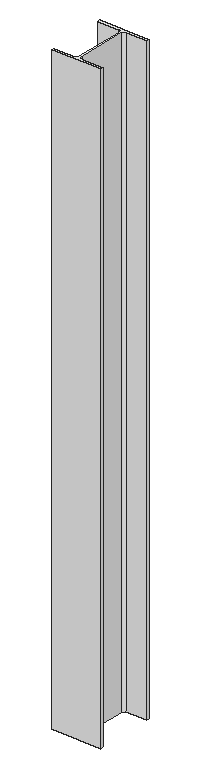
Revit family "M_W Formas-Coluna", category Pilares estruturais, Revit 2019
Family settings
  Forma do corte = Forma I do flange paralelo
  Material para o comportamento do modelo = Aço
  Exportar sempre como geometria = Não
  Redução da viga na planta = Da caixa de vinculação
  Family Name Key = M_W Shapes-Column
  Nome do código = AISC 14.1
  Número OmniClass = 23.25.30.11.14.11
  Título OmniClass = Columns
  ID de item do Seek = W-Shapes-Column-0000-CAN-ENU
  Corte com vazios quando carregada = Não
  Representação simbólica = Das configurações de projeto
  Compartilhado = Não
  Exibir o pré-corte da família na vista da planta = Sim
Parameters (values of type "W250X49.1")
  Largura = 202.00 mm
  Espessura da teia = 7.37 mm
  Concordância da teia = 12.70 mm
  Constante da empena = 212000000000.0 mm6
  Momento de inércia de torção = 243000.00 mm4
  Structural Material [instance] = Aço, 45-345
  Section Name Key = ""
  Área de corte = 6260.0 mm²
  Eixo fraco do módulo plástico = 229000.0 mm³
  Eixo forte do módulo plástico = 636000.0 mm³
  Perímetro = 1.27 m²/m
  Peso nominal = 49.10 kgf/m
  Eixo fraco do momento de inércia = 15200000.00 mm4
  Eixo forte do momento de inércia = 71200000.00 mm4
  Altura = 247.00 mm
  Espessura do flange = 11.00 mm
  Eixo fraco do módulo de elasticidade = 151000.0 mm³
  Eixo forte do módulo de elasticidade = 574000.0 mm³
  Centróide vertical = Altura / 2  # 123.50 mm
  Centróide horizontal = Largura / 2  # 101.00 mm
  Espaçamento do parafuso = 139.7 mm
  Assembly Code = ""
Types (2, lengths in mm): name | Largura | Espessura da teia | Constante da empena | Momento de inércia de torção | Área de corte | Eixo fraco do módulo plástico | Eixo forte do módulo plástico | Perímetro | Peso nominal | Eixo fraco do momento de inércia | Eixo forte do momento de inércia | Altura | Espessura do flange | Eixo fraco do módulo de elasticidade | Eixo forte do módulo de elasticidade | Centróide vertical | Centróide horizontal
  W250X73 | 254.00 | 8.64 | 556000000000.0 mm6 | 579000.00 mm4 | 9290.0 mm² | 464000.0 mm³ | 990000.0 mm³ | 1.49 m²/m | 73.00 kgf/m | 38900000.00 mm4 | 113000000.00 mm4 | 254.00 | 14.20 | 306000.0 mm³ | 895000.0 mm³ | 127.00 | 127.00
  W250X49.1 | 202.00 | 7.37 | 212000000000.0 mm6 | 243000.00 mm4 | 6260.0 mm² | 229000.0 mm³ | 636000.0 mm³ | 1.27 m²/m | 49.10 kgf/m | 15200000.00 mm4 | 71200000.00 mm4 | 247.00 | 11.00 | 151000.0 mm³ | 574000.0 mm³ | 123.50 | 101.00
Reference planes
  plane 1: y = 0
  plane 2: z = 0
  plane 3: x = 0
  plane 4: x = -101
  plane 5: x = 101
  plane 6: y = 123.5
  plane 7: y = -123.5
  plane 8: x = -3.969
  plane 9: x = 3.969
Forms (mm)
  Extrusion 1, solid, material "Aço, 45-345" <- "Structural Material", detail levels medium
    sketch origin (0, 0, 0) x (1, 0, 0) y (0, 1, 0)
      loop
        line (-101, 123.5) -> (-101, 112.5) -> (-3.685, 112.5) -> (-3.685, -112.5) -> (-101, -112.5) -> (-101, -123.5) -> (101, -123.5) -> (101, -112.5) -> (3.685, -112.5) -> (3.685, 112.5) -> (101, 112.5) -> (101, 123.5) -> (-101, 123.5)
    from 0 to 2500
  Extrusion 2, solid, material "Aço, 45-345" <- "Structural Material", detail levels fine
    sketch origin (0, 0, 0) x (1, 0, 0) y (0, 1, 0)
      loop
        line (-101, 123.5) -> (-101, 112.5) -> (-16.385, 112.5)
        arc (-16.385, 112.5) -> (-7.405, 108.78) -> (-3.685, 99.8) r 12.7
        line (-3.685, 99.8) -> (-3.685, -99.8)
        arc (-3.685, -99.8) -> (-7.405, -108.78) -> (-16.385, -112.5) r 12.7
        line (-16.385, -112.5) -> (-101, -112.5) -> (-101, -123.5) -> (101, -123.5) -> (101, -112.5) -> (16.385, -112.5)
        arc (16.385, -112.5) -> (7.405, -108.78) -> (3.685, -99.8) r 12.7
        line (3.685, -99.8) -> (3.685, 99.8)
        arc (3.685, 99.8) -> (7.405, 108.78) -> (16.385, 112.5) r 12.7
        line (16.385, 112.5) -> (101, 112.5) -> (101, 123.5) -> (-101, 123.5)
    from 0 to 2500
Lines and regions (mm)
  symbolic lines, style "StructuralColumnStickSymbols", detail levels coarse
    curve 1: line (-101, 123.5, 0) -> (101, 123.5, 0)
    curve 2: line (-101, -123.5, 0) -> (101, -123.5, 0)
    curve 3: line (0, 123.5, 0) -> (0, -123.5, 0)
  symbolic lines, style "Faces ocultas", detail levels medium+fine
    curve 4: line (-3.969, 0, 0) -> (-3.969, 0, 2500)
    curve 5: line (3.969, 0, 2500) -> (3.969, 0, 0)
Dimensions and locks
  equal spacing: plane 4, plane 3, plane 5
  equal spacing: plane 7, plane 1, plane 6
  "Altura": plane 7 to plane 6
  "Largura": plane 4 to plane 5
  "Espessura do flange": plane 7 to Extrusion 1 sketch curve
  "Espessura do flange": Extrusion 1 sketch curve to plane 6
  equal spacing: Extrusion 1 sketch curve, plane 3, Extrusion 1 sketch curve
  "Espessura da teia": Extrusion 1 sketch curve to Extrusion 1 sketch curve
  "Concordância da teia": radius of Extrusion 2 sketch curve  (x4)
  aligned and locked: plane 6 to Extrusion 1 sketch curve
  aligned and locked: Extrusion 1 sketch curve to plane 7
  aligned and locked: Extrusion 1 sketch curve to plane 4  (x2)
  aligned and locked: plane 5 to Extrusion 1 sketch curve  (x2)
  aligned and locked: Extrusion 1 sketch curve to Extrusion 1 sketch curve  (x2)
  aligned and locked: level to Extrusion 1
  aligned and locked: level to plane 2
  aligned and locked: Extrusion 1 to plane 2
  aligned and locked: plane 6 to Extrusion 2 sketch curve
  aligned and locked: plane 5 to Extrusion 2 sketch curve  (x2)
  aligned and locked: Extrusion 2 sketch curve to plane 4  (x2)
  aligned and locked: Extrusion 2 sketch curve to Extrusion 1  (x6)
  aligned and locked: Extrusion 2 sketch curve to plane 7
  aligned and locked: level to Extrusion 2
  aligned and locked: Extrusion 2 to level
Automatic sketch dimensions
  curve 2 to plane 4 = 0.00 mm
  curve 1 to plane 4 = 0.00 mm
  curve 3 to plane 3 = 0.00 mm
  curve 2 to plane 5 = 0.00 mm
  curve 1 to plane 5 = 0.00 mm
  curve 3 to plane 7 = 0.00 mm
  curve 3 to plane 6 = 0.00 mm
  curve 4 to level = 0.00 mm  (x2)
  curve 4 to plane 8 = 0.00 mm
  curve 5 to level = 0.00 mm  (x2)
  curve 5 to plane 9 = 0.00 mm
Types in the file's own list only (278): name | Largura | Espessura da teia | Concordância da teia | Constante da empena | Momento de inércia de torção | Chave do nome do corte | Área de corte | Eixo fraco do módulo plástico | Eixo forte do módulo plástico | Perímetro | Peso nominal | Eixo fraco do momento de inércia | Eixo forte do momento de inércia | Altura | Espessura do flange | Eixo fraco do módulo de elasticidade | Eixo forte do módulo de elasticidade | Centróide vertical | Centróide horizontal | Espaçamento do parafuso
  W1100X499 | 404.00 mm | 26.20 mm | 20.00 mm | 144000000000000.0 mm6 | 31100000.00 mm4 | W44x335 | 63500.0 mm² | 3870000.0 mm³ | 26500000.0 mm³ | 3.76 m²/m | 499.00 kgf/m | 499000000.00 mm4 | 12900000000.00 mm4 | 1120.00 mm | 45.00 mm | 2460000.0 mm³ | 23100000.0 mm³ | 560.00 mm | 202.00 mm | 139.7 mm
  W1100X433 | 401.00 mm | 22.00 mm | 19.80 mm | 124000000000000.0 mm6 | 21200000.00 mm4 | W44x290 | 55100.0 mm² | 3360000.0 mm³ | 23100000.0 mm³ | 3.73 m²/m | 433.00 kgf/m | 433000000.00 mm4 | 11200000000.00 mm4 | 1110.00 mm | 40.10 mm | 2160000.0 mm³ | 20300000.0 mm³ | 555.00 mm | 200.50 mm | 139.7 mm
  W1100X390 | 401.00 mm | 19.90 mm | 19.80 mm | 109000000000000.0 mm6 | 15500000.00 mm4 | W44x262 | 49800.0 mm² | 2980000.0 mm³ | 20800000.0 mm³ | 3.73 m²/m | 390.00 kgf/m | 384000000.00 mm4 | 10000000000.00 mm4 | 1100.00 mm | 36.10 mm | 1920000.0 mm³ | 18200000.0 mm³ | 550.00 mm | 200.50 mm | 139.7 mm
  W1100X343 | 401.00 mm | 18.00 mm | 20.10 mm | 92900000000000.0 mm6 | 10400000.00 mm4 | W44x230 | 43700.0 mm² | 2570000.0 mm³ | 18000000.0 mm³ | 3.71 m²/m | 343.00 kgf/m | 331000000.00 mm4 | 8660000000.00 mm4 | 1090.00 mm | 31.00 mm | 1660000.0 mm³ | 15900000.0 mm³ | 545.00 mm | 200.50 mm | 139.7 mm
  W1000X883 | 424.00 mm | 45.50 mm | 30.00 mm | 268000000000000.0 mm6 | 185000000.00 mm4 | W40x593 | 112000.0 mm² | 7880000.0 mm³ | 45200000.0 mm³ | 3.73 m²/m | 883.00 kgf/m | 1050000000.00 mm4 | 21000000000.00 mm4 | 1090.00 mm | 82.00 mm | 4950000.0 mm³ | 38300000.0 mm³ | 545.00 mm | 212.00 mm | 190.5 mm
  W1000X748 | 417.00 mm | 39.10 mm | 29.90 mm | 212000000000000.0 mm6 | 115000000.00 mm4 | W40x503 | 95500.0 mm² | 6460000.0 mm³ | 38000000.0 mm³ | 3.68 m²/m | 748.00 kgf/m | 849000000.00 mm4 | 17300000000.00 mm4 | 1070.00 mm | 70.10 mm | 4080000.0 mm³ | 32400000.0 mm³ | 535.00 mm | 208.50 mm | 190.5 mm
  W1000X642 | 411.00 mm | 34.00 mm | 30.00 mm | 171000000000000.0 mm6 | 73700000.00 mm4 | W40x431 | 81900.0 mm² | 5370000.0 mm³ | 32100000.0 mm³ | 3.63 m²/m | 642.00 kgf/m | 703000000.00 mm4 | 14500000000.00 mm4 | 1050.00 mm | 59.90 mm | 3410000.0 mm³ | 27700000.0 mm³ | 525.00 mm | 205.50 mm | 190.5 mm
  W1000X591 | 409.00 mm | 31.00 mm | 30.00 mm | 155000000000000.0 mm6 | 59100000.00 mm4 | W40x397 | 75500.0 mm² | 4920000.0 mm³ | 29500000.0 mm³ | 3.61 m²/m | 591.00 kgf/m | 641000000.00 mm4 | 13300000000.00 mm4 | 1040.00 mm | 55.90 mm | 3130000.0 mm³ | 25600000.0 mm³ | 520.00 mm | 204.50 mm | 190.5 mm
  W1000X554 | 409.00 mm | 29.50 mm | 29.90 mm | 142000000000000.0 mm6 | 48300000.00 mm4 | W40x372 | 71000.0 mm² | 4540000.0 mm³ | 27500000.0 mm³ | 3.58 m²/m | 554.00 kgf/m | 591000000.00 mm4 | 12300000000.00 mm4 | 1030.00 mm | 52.10 mm | 2900000.0 mm³ | 23900000.0 mm³ | 515.00 mm | 204.50 mm | 190.5 mm
  W1000X539 | 406.00 mm | 28.40 mm | 29.90 mm | 138000000000000.0 mm6 | 45400000.00 mm4 | W40x362 | 68400.0 mm² | 4420000.0 mm³ | 26900000.0 mm³ | 3.58 m²/m | 539.00 kgf/m | 574000000.00 mm4 | 12000000000.00 mm4 | 1030.00 mm | 51.10 mm | 2830000.0 mm³ | 23300000.0 mm³ | 515.00 mm | 203.00 mm | 190.5 mm
  W1000X483 | 404.00 mm | 25.40 mm | 29.90 mm | 120000000000000.0 mm6 | 33000000.00 mm4 | W40x324 | 61500.0 mm² | 3920000.0 mm³ | 23900000.0 mm³ | 3.56 m²/m | 483.00 kgf/m | 508000000.00 mm4 | 10700000000.00 mm4 | 1020.00 mm | 46.00 mm | 2510000.0 mm³ | 21000000.0 mm³ | 510.00 mm | 202.00 mm | 190.5 mm
  W1000X443 | 401.00 mm | 23.60 mm | 30.00 mm | 107000000000000.0 mm6 | 25500000.00 mm4 | W40x297 | 56300.0 mm² | 3520000.0 mm³ | 21800000.0 mm³ | 3.53 m²/m | 443.00 kgf/m | 454000000.00 mm4 | 9660000000.00 mm4 | 1010.00 mm | 41.90 mm | 2260000.0 mm³ | 19200000.0 mm³ | 505.00 mm | 200.50 mm | 190.5 mm
  W1000X412 | 401.00 mm | 21.10 mm | 30.00 mm | 102000000000000.0 mm6 | 21400000.00 mm4 | W40x277 | 52600.0 mm² | 3340000.0 mm³ | 20500000.0 mm³ | 3.53 m²/m | 412.00 kgf/m | 433000000.00 mm4 | 9120000000.00 mm4 | 1010.00 mm | 40.10 mm | 2160000.0 mm³ | 18000000.0 mm³ | 505.00 mm | 200.50 mm | 190.5 mm
  W1000X371 | 401.00 mm | 19.10 mm | 29.90 mm | 89700000000000.0 mm6 | 15900000.00 mm4 | W40x249 | 47400.0 mm² | 2980000.0 mm³ | 18400000.0 mm³ | 3.51 m²/m | 371.00 kgf/m | 385000000.00 mm4 | 8160000000.00 mm4 | 1000.00 mm | 36.10 mm | 1930000.0 mm³ | 16300000.0 mm³ | 500.00 mm | 200.50 mm | 190.5 mm
  W1000X321 | 401.00 mm | 16.50 mm | 30.00 mm | 76300000000000.0 mm6 | 10300000.00 mm4 | W40x215 | 41000.0 mm² | 2560000.0 mm³ | 15800000.0 mm³ | 3.51 m²/m | 321.00 kgf/m | 334000000.00 mm4 | 6950000000.00 mm4 | 991.00 mm | 31.00 mm | 1660000.0 mm³ | 14100000.0 mm³ | 495.50 mm | 200.50 mm | 190.5 mm
  W1000X296 | 401.00 mm | 16.50 mm | 30.00 mm | 66100000000000.0 mm6 | 7620000.00 mm4 | W40x199 | 37900.0 mm² | 2250000.0 mm³ | 14200000.0 mm³ | 3.48 m²/m | 296.00 kgf/m | 289000000.00 mm4 | 6200000000.00 mm4 | 983.00 mm | 27.20 mm | 1450000.0 mm³ | 12600000.0 mm³ | 491.50 mm | 200.50 mm | 190.5 mm
  W1000X584 | 315.00 mm | 36.10 mm | 30.00 mm | 82200000000000.0 mm6 | 71600000.00 mm4 | W40x392 | 74800.0 mm² | 3470000.0 mm³ | 28000000.0 mm³ | 3.25 m²/m | 584.00 kgf/m | 334000000.00 mm4 | 12400000000.00 mm4 | 1060.00 mm | 64.00 mm | 2130000.0 mm³ | 23600000.0 mm³ | 530.00 mm | 157.50 mm | 190.5 mm
  W1000X494 | 310.00 mm | 31.00 mm | 30.00 mm | 64700000000000.0 mm6 | 43700000.00 mm4 | W40x331 | 63000.0 mm² | 2820000.0 mm³ | 23400000.0 mm³ | 3.20 m²/m | 494.00 kgf/m | 268000000.00 mm4 | 10300000000.00 mm4 | 1040.00 mm | 54.10 mm | 1740000.0 mm³ | 19800000.0 mm³ | 520.00 mm | 155.00 mm | 190.5 mm
  W1000X486 | 307.00 mm | 30.00 mm | 30.00 mm | 64200000000000.0 mm6 | 42900000.00 mm4 | W40x327 | 61900.0 mm² | 2790000.0 mm³ | 23100000.0 mm³ | 3.20 m²/m | 486.00 kgf/m | 266000000.00 mm4 | 10200000000.00 mm4 | 1040.00 mm | 54.10 mm | 1720000.0 mm³ | 19700000.0 mm³ | 520.00 mm | 153.50 mm | 190.5 mm
  W1000X438 | 305.00 mm | 26.90 mm | 30.00 mm | 55900000000000.0 mm6 | 31900000.00 mm4 | W40x294 | 55600.0 mm² | 2460000.0 mm³ | 20800000.0 mm³ | 3.18 m²/m | 438.00 kgf/m | 234000000.00 mm4 | 9120000000.00 mm4 | 1030.00 mm | 49.00 mm | 1530000.0 mm³ | 17700000.0 mm³ | 515.00 mm | 152.50 mm | 190.5 mm
  W1000X415 | 305.00 mm | 26.20 mm | 29.90 mm | 51600000000000.0 mm6 | 27100000.00 mm4 | W40x278 | 53100.0 mm² | 2290000.0 mm³ | 19500000.0 mm³ | 3.15 m²/m | 415.00 kgf/m | 217000000.00 mm4 | 8530000000.00 mm4 | 1020.00 mm | 46.00 mm | 1430000.0 mm³ | 16700000.0 mm³ | 510.00 mm | 152.50 mm | 190.5 mm
  W1000X393 | 302.00 mm | 24.40 mm | 30.00 mm | 48600000000000.0 mm6 | 23400000.00 mm4 | W40x264 | 49900.0 mm² | 2160000.0 mm³ | 18500000.0 mm³ | 3.15 m²/m | 393.00 kgf/m | 205000000.00 mm4 | 8070000000.00 mm4 | 1020.00 mm | 43.90 mm | 1350000.0 mm³ | 15900000.0 mm³ | 510.00 mm | 151.00 mm | 190.5 mm
  W1000X350 | 302.00 mm | 21.10 mm | 30.00 mm | 43200000000000.0 mm6 | 17200000.00 mm4 | W40x235 | 44600.0 mm² | 1930000.0 mm³ | 16600000.0 mm³ | 3.12 m²/m | 350.00 kgf/m | 185000000.00 mm4 | 7240000000.00 mm4 | 1010.00 mm | 40.10 mm | 1220000.0 mm³ | 14300000.0 mm³ | 505.00 mm | 151.00 mm | 190.5 mm
  W1000X314 | 300.00 mm | 19.10 mm | 29.90 mm | 37900000000000.0 mm6 | 12700000.00 mm4 | W40x211 | 40100.0 mm² | 1720000.0 mm³ | 14800000.0 mm³ | 3.10 m²/m | 314.00 kgf/m | 162000000.00 mm4 | 6450000000.00 mm4 | 1000.00 mm | 36.10 mm | 1080000.0 mm³ | 12900000.0 mm³ | 500.00 mm | 150.00 mm | 190.5 mm
  W1000X272 | 300.00 mm | 16.50 mm | 30.00 mm | 31700000000000.0 mm6 | 8030000.00 mm4 | W40x183 | 34400.0 mm² | 1450000.0 mm³ | 12700000.0 mm³ | 3.10 m²/m | 272.00 kgf/m | 138000000.00 mm4 | 5490000000.00 mm4 | 991.00 mm | 30.50 mm | 918000.0 mm³ | 11100000.0 mm³ | 495.50 mm | 150.00 mm | 190.5 mm
  W1000X249 | 300.00 mm | 16.50 mm | 29.90 mm | 26800000000000.0 mm6 | 5830000.00 mm4 | W40x167 | 31800.0 mm² | 1250000.0 mm³ | 11400000.0 mm³ | 3.07 m²/m | 249.00 kgf/m | 118000000.00 mm4 | 4830000000.00 mm4 | 980.00 mm | 26.20 mm | 785000.0 mm³ | 9830000.0 mm³ | 490.00 mm | 150.00 mm | 190.5 mm
  W1000X222 | 300.00 mm | 16.00 mm | 30.00 mm | 21500000000000.0 mm6 | 3900000.00 mm4 | W40x149 | 28300.0 mm² | 1020000.0 mm³ | 9800000.0 mm³ | 3.05 m²/m | 222.00 kgf/m | 95300000.00 mm4 | 4080000000.00 mm4 | 970.00 mm | 21.10 mm | 636000.0 mm³ | 8410000.0 mm³ | 485.00 mm | 150.00 mm | 190.5 mm
  W920X970 | 447.00 mm | 50.00 mm | 24.10 mm | 303000000000000.1 mm6 | 247000000.00 mm4 | W36x652 | 124000.0 mm² | 9520000.0 mm³ | 47700000.0 mm³ | 3.73 m²/m | 970.00 kgf/m | 1340000000.00 mm4 | 21100000000.00 mm4 | 1040.00 mm | 89.90 mm | 6010000.0 mm³ | 40300000.0 mm³ | 520.00 mm | 223.50 mm | 190.5 mm
  W920X787 | 437.00 mm | 40.90 mm | 24.10 mm | 227000000000000.0 mm6 | 136000000.00 mm4 | W36x529 | 101000.0 mm² | 7440000.0 mm³ | 38200000.0 mm³ | 3.66 m²/m | 787.00 kgf/m | 1040000000.00 mm4 | 16500000000.00 mm4 | 1010.00 mm | 73.90 mm | 4740000.0 mm³ | 32600000.0 mm³ | 505.00 mm | 218.50 mm | 190.5 mm
  W920X725 | 434.00 mm | 38.10 mm | 24.10 mm | 202000000000000.0 mm6 | 107000000.00 mm4 | W36x487 | 92300.0 mm² | 6750000.0 mm³ | 34900000.0 mm³ | 3.61 m²/m | 725.00 kgf/m | 937000000.00 mm4 | 15000000000.00 mm4 | 998.00 mm | 68.10 mm | 4310000.0 mm³ | 30000000.0 mm³ | 499.00 mm | 217.00 mm | 190.5 mm
  W920X656 | 432.00 mm | 34.50 mm | 24.10 mm | 178000000000000.0 mm6 | 80700000.00 mm4 | W36x441 | 83900.0 mm² | 6030000.0 mm³ | 31300000.0 mm³ | 3.58 m²/m | 656.00 kgf/m | 828000000.00 mm4 | 13400000000.00 mm4 | 988.00 mm | 62.00 mm | 3850000.0 mm³ | 27000000.0 mm³ | 494.00 mm | 216.00 mm | 190.5 mm
  W920X588 | 427.00 mm | 31.00 mm | 24.10 mm | 154000000000000.0 mm6 | 59100000.00 mm4 | W36x395 | 74800.0 mm² | 5330000.0 mm³ | 28000000.0 mm³ | 3.56 m²/m | 588.00 kgf/m | 728000000.00 mm4 | 11900000000.00 mm4 | 975.00 mm | 55.90 mm | 3410000.0 mm³ | 24400000.0 mm³ | 487.50 mm | 213.50 mm | 190.5 mm
  W920X537 | 424.00 mm | 28.40 mm | 24.10 mm | 137000000000000.0 mm6 | 45400000.00 mm4 | W36x361 | 68400.0 mm² | 4800000.0 mm³ | 25400000.0 mm³ | 3.53 m²/m | 537.00 kgf/m | 653000000.00 mm4 | 10700000000.00 mm4 | 965.00 mm | 51.10 mm | 3080000.0 mm³ | 22100000.0 mm³ | 482.50 mm | 212.00 mm | 190.5 mm
  W920X491 | 422.00 mm | 25.90 mm | 24.10 mm | 122000000000000.0 mm6 | 35100000.00 mm4 | W36x330 | 62500.0 mm² | 4340000.0 mm³ | 23100000.0 mm³ | 3.51 m²/m | 491.00 kgf/m | 591000000.00 mm4 | 9700000000.00 mm4 | 958.00 mm | 47.00 mm | 2800000.0 mm³ | 20300000.0 mm³ | 479.00 mm | 211.00 mm | 190.5 mm
  W920X449 | 424.00 mm | 24.00 mm | 24.10 mm | 111000000000000.0 mm6 | 26800000.00 mm4 | W36x302 | 57400.0 mm² | 3950000.0 mm³ | 21000000.0 mm³ | 3.51 m²/m | 449.00 kgf/m | 541000000.00 mm4 | 8780000000.00 mm4 | 947.00 mm | 42.70 mm | 2560000.0 mm³ | 18500000.0 mm³ | 473.50 mm | 212.00 mm | 190.5 mm
  W920X420 | 422.00 mm | 22.50 mm | 24.10 mm | 102000000000000.0 mm6 | 21900000.00 mm4 | W36x282 | 53500.0 mm² | 3650000.0 mm³ | 19500000.0 mm³ | 3.48 m²/m | 420.00 kgf/m | 499000000.00 mm4 | 8160000000.00 mm4 | 942.00 mm | 39.90 mm | 2360000.0 mm³ | 17200000.0 mm³ | 471.00 mm | 211.00 mm | 190.5 mm
  W920X390 | 422.00 mm | 21.30 mm | 24.10 mm | 91800000000000.0 mm6 | 17300000.00 mm4 | W36x262 | 49800.0 mm² | 3340000.0 mm³ | 18000000.0 mm³ | 3.48 m²/m | 390.00 kgf/m | 454000000.00 mm4 | 7450000000.00 mm4 | 937.00 mm | 36.60 mm | 2160000.0 mm³ | 15900000.0 mm³ | 468.50 mm | 211.00 mm | 190.5 mm
  W920X368 | 419.00 mm | 20.30 mm | 24.10 mm | 84900000000000.0 mm6 | 14400000.00 mm4 | W36x247 | 46800.0 mm² | 3110000.0 mm³ | 16900000.0 mm³ | 3.45 m²/m | 368.00 kgf/m | 420000000.00 mm4 | 6950000000.00 mm4 | 932.00 mm | 34.30 mm | 2020000.0 mm³ | 15000000.0 mm³ | 466.00 mm | 209.50 mm | 190.5 mm
  W920X344 | 419.00 mm | 19.30 mm | 24.10 mm | 78400000000000.0 mm6 | 11900000.00 mm4 | W36x231 | 44000.0 mm² | 2880000.0 mm³ | 15800000.0 mm³ | 3.45 m²/m | 344.00 kgf/m | 391000000.00 mm4 | 6490000000.00 mm4 | 927.00 mm | 32.00 mm | 1870000.0 mm³ | 14000000.0 mm³ | 463.50 mm | 209.50 mm | 190.5 mm
  W920X381 | 310.00 mm | 24.40 mm | 19.10 mm | 45100000000000.0 mm6 | 22000000.00 mm4 | W36x256 | 48600.0 mm² | 2250000.0 mm³ | 17000000.0 mm³ | 3.05 m²/m | 381.00 kgf/m | 220000000.00 mm4 | 6990000000.00 mm4 | 951.00 mm | 43.90 mm | 1420000.0 mm³ | 14700000.0 mm³ | 475.50 mm | 155.00 mm | 139.7 mm
  W920X345 | 307.00 mm | 22.10 mm | 19.00 mm | 39700000000000.0 mm6 | 16500000.00 mm4 | W36x232 | 43900.0 mm² | 2000000.0 mm³ | 15300000.0 mm³ | 3.05 m²/m | 345.00 kgf/m | 195000000.00 mm4 | 6240000000.00 mm4 | 943.00 mm | 39.90 mm | 1270000.0 mm³ | 13300000.0 mm³ | 471.50 mm | 153.50 mm | 139.7 mm
  W920X313 | 310.00 mm | 21.10 mm | 19.10 mm | 34400000000000.0 mm6 | 11700000.00 mm4 | W36x210 | 39900.0 mm² | 1750000.0 mm³ | 13700000.0 mm³ | 3.02 m²/m | 313.00 kgf/m | 171000000.00 mm4 | 5490000000.00 mm4 | 932.00 mm | 34.50 mm | 1110000.0 mm³ | 11800000.0 mm³ | 466.00 mm | 155.00 mm | 139.7 mm
  W920X289 | 307.00 mm | 19.40 mm | 19.10 mm | 31200000000000.0 mm6 | 9240000.00 mm4 | W36x194 | 36800.0 mm² | 1600000.0 mm³ | 12600000.0 mm³ | 3.02 m²/m | 289.00 kgf/m | 156000000.00 mm4 | 5040000000.00 mm4 | 927.00 mm | 32.00 mm | 1010000.0 mm³ | 10900000.0 mm³ | 463.50 mm | 153.50 mm | 139.7 mm
  W920X271 | 307.00 mm | 18.40 mm | 19.00 mm | 28700000000000.0 mm6 | 7700000.00 mm4 | W36x182 | 34600.0 mm² | 1490000.0 mm³ | 11800000.0 mm³ | 3.00 m²/m | 271.00 kgf/m | 144000000.00 mm4 | 4700000000.00 mm4 | 922.00 mm | 30.00 mm | 944000.0 mm³ | 10200000.0 mm³ | 461.00 mm | 153.50 mm | 139.7 mm
  W920X253 | 305.00 mm | 17.30 mm | 19.10 mm | 26500000000000.0 mm6 | 6290000.00 mm4 | W36x170 | 32300.0 mm² | 1370000.0 mm³ | 10900000.0 mm³ | 3.00 m²/m | 253.00 kgf/m | 133000000.00 mm4 | 4370000000.00 mm4 | 919.00 mm | 27.90 mm | 872000.0 mm³ | 9520000.0 mm³ | 459.50 mm | 152.50 mm | 139.7 mm
  W920X238 | 305.00 mm | 16.50 mm | 19.10 mm | 24200000000000.0 mm6 | 5160000.00 mm4 | W36x160 | 30300.0 mm² | 1270000.0 mm³ | 10200000.0 mm³ | 2.97 m²/m | 238.00 kgf/m | 123000000.00 mm4 | 4060000000.00 mm4 | 914.00 mm | 25.90 mm | 805000.0 mm³ | 8880000.0 mm³ | 457.00 mm | 152.50 mm | 139.7 mm
  W920X223 | 305.00 mm | 15.90 mm | 19.00 mm | 22100000000000.0 mm6 | 4200000.00 mm4 | W36x150 | 28600.0 mm² | 1160000.0 mm³ | 9520000.0 mm³ | 2.97 m²/m | 223.00 kgf/m | 112000000.00 mm4 | 3760000000.00 mm4 | 912.00 mm | 23.90 mm | 739000.0 mm³ | 8260000.0 mm³ | 456.00 mm | 152.50 mm | 139.7 mm
  W920X201 | 305.00 mm | 15.20 mm | 19.00 mm | 18300000000000.0 mm6 | 2910000.00 mm4 | W36x135 | 25700.0 mm² | 978000.0 mm³ | 8340000.0 mm³ | 2.97 m²/m | 201.00 kgf/m | 93700000.00 mm4 | 3250000000.00 mm4 | 904.00 mm | 20.10 mm | 618000.0 mm³ | 7190000.0 mm³ | 452.00 mm | 152.50 mm | 139.7 mm
  W840X576 | 411.00 mm | 32.00 mm | 20.10 mm | 123000000000000.0 mm6 | 61600000.00 mm4 | W33x387 | 73500.0 mm² | 5110000.0 mm³ | 25600000.0 mm³ | 3.38 m²/m | 576.00 kgf/m | 674000000.00 mm4 | 10100000000.00 mm4 | 914.00 mm | 57.90 mm | 3280000.0 mm³ | 22100000.0 mm³ | 457.00 mm | 205.50 mm | 139.7 mm
  W840X527 | 409.00 mm | 29.50 mm | 20.10 mm | 110000000000000.0 mm6 | 47900000.00 mm4 | W33x354 | 67100.0 mm² | 4620000.0 mm³ | 23300000.0 mm³ | 3.35 m²/m | 527.00 kgf/m | 608000000.00 mm4 | 9160000000.00 mm4 | 904.00 mm | 53.10 mm | 2970000.0 mm³ | 20300000.0 mm³ | 452.00 mm | 204.50 mm | 139.7 mm
  W840X473 | 406.00 mm | 26.40 mm | 20.10 mm | 95900000000000.0 mm6 | 35100000.00 mm4 | W33x318 | 60500.0 mm² | 4100000.0 mm³ | 20800000.0 mm³ | 3.33 m²/m | 473.00 kgf/m | 537000000.00 mm4 | 8120000000.00 mm4 | 894.00 mm | 48.00 mm | 2640000.0 mm³ | 18200000.0 mm³ | 447.00 mm | 203.00 mm | 139.7 mm
  W840X433 | 404.00 mm | 24.40 mm | 20.10 mm | 85700000000000.0 mm6 | 27100000.00 mm4 | W33x291 | 55200.0 mm² | 3700000.0 mm³ | 19000000.0 mm³ | 3.30 m²/m | 433.00 kgf/m | 483000000.00 mm4 | 7370000000.00 mm4 | 884.00 mm | 43.90 mm | 2390000.0 mm³ | 16700000.0 mm³ | 442.00 mm | 202.00 mm | 139.7 mm
  W840X392 | 401.00 mm | 22.10 mm | 20.00 mm | 75500000000000.0 mm6 | 20300000.00 mm4 | W33x263 | 49900.0 mm² | 3310000.0 mm³ | 17000000.0 mm³ | 3.28 m²/m | 392.00 kgf/m | 433000000.00 mm4 | 6620000000.00 mm4 | 876.00 mm | 39.90 mm | 2150000.0 mm³ | 15100000.0 mm³ | 438.00 mm | 200.50 mm | 139.7 mm
  W840X359 | 404.00 mm | 21.10 mm | 20.00 mm | 67400000000000.0 mm6 | 15100000.00 mm4 | W33x241 | 45900.0 mm² | 2980000.0 mm³ | 15400000.0 mm³ | 3.28 m²/m | 359.00 kgf/m | 388000000.00 mm4 | 5910000000.00 mm4 | 869.00 mm | 35.60 mm | 1930000.0 mm³ | 13600000.0 mm³ | 434.50 mm | 202.00 mm | 139.7 mm
  W840X329 | 401.00 mm | 19.70 mm | 19.80 mm | 60200000000000.0 mm6 | 11600000.00 mm4 | W33x221 | 42100.0 mm² | 2690000.0 mm³ | 14000000.0 mm³ | 3.25 m²/m | 329.00 kgf/m | 350000000.00 mm4 | 5370000000.00 mm4 | 861.00 mm | 32.50 mm | 1740000.0 mm³ | 12400000.0 mm³ | 430.50 mm | 200.50 mm | 139.7 mm
  W840X299 | 399.00 mm | 18.20 mm | 20.10 mm | 53200000000000.0 mm6 | 8660000.00 mm4 | W33x201 | 38100.0 mm² | 2410000.0 mm³ | 12700000.0 mm³ | 3.23 m²/m | 299.00 kgf/m | 312000000.00 mm4 | 4830000000.00 mm4 | 856.00 mm | 29.20 mm | 1560000.0 mm³ | 11200000.0 mm³ | 428.00 mm | 199.50 mm | 139.7 mm
  W840X251 | 292.00 mm | 17.00 mm | 17.80 mm | 22100000000000.0 mm6 | 7370000.00 mm4 | W33x169 | 31900.0 mm² | 1380000.0 mm³ | 10300000.0 mm³ | 2.82 m²/m | 251.00 kgf/m | 129000000.00 mm4 | 3870000000.00 mm4 | 859.00 mm | 31.00 mm | 883000.0 mm³ | 9000000.0 mm³ | 429.50 mm | 146.00 mm | 139.7 mm
  W840X226 | 295.00 mm | 16.10 mm | 17.80 mm | 19300000000000.0 mm6 | 5160000.00 mm4 | W33x152 | 29000.0 mm² | 1210000.0 mm³ | 9160000.0 mm³ | 2.82 m²/m | 226.00 kgf/m | 114000000.00 mm4 | 3400000000.00 mm4 | 851.00 mm | 26.90 mm | 773000.0 mm³ | 7980000.0 mm³ | 425.50 mm | 147.50 mm | 139.7 mm
  W840X210 | 292.00 mm | 15.40 mm | 17.80 mm | 17300000000000.0 mm6 | 4040000.00 mm4 | W33x141 | 26800.0 mm² | 1100000.0 mm³ | 8420000.0 mm³ | 2.79 m²/m | 210.00 kgf/m | 102000000.00 mm4 | 3100000000.00 mm4 | 846.00 mm | 24.40 mm | 700000.0 mm³ | 7340000.0 mm³ | 423.00 mm | 146.00 mm | 139.7 mm
  W840X193 | 292.00 mm | 14.70 mm | 17.90 mm | 15200000000000.0 mm6 | 3070000.00 mm4 | W33x130 | 24700.0 mm² | 975000.0 mm³ | 7650000.0 mm³ | 2.79 m²/m | 193.00 kgf/m | 90700000.00 mm4 | 2790000000.00 mm4 | 841.00 mm | 21.70 mm | 621000.0 mm³ | 6650000.0 mm³ | 420.50 mm | 146.00 mm | 139.7 mm
  W840X176 | 292.00 mm | 14.00 mm | 17.80 mm | 13000000000000.0 mm6 | 2210000.00 mm4 | W33x118 | 22400.0 mm² | 841000.0 mm³ | 6800000.0 mm³ | 2.77 m²/m | 176.00 kgf/m | 77800000.00 mm4 | 2460000000.00 mm4 | 836.00 mm | 18.80 mm | 534000.0 mm³ | 5880000.0 mm³ | 418.00 mm | 146.00 mm | 139.7 mm
  W760X582 | 396.00 mm | 34.50 mm | 20.00 mm | 98300000000000.0 mm6 | 72000000.00 mm4 | W30x391 | 74200.0 mm² | 5080000.0 mm³ | 23800000.0 mm³ | 3.18 m²/m | 582.00 kgf/m | 645000000.00 mm4 | 8620000000.00 mm4 | 843.00 mm | 62.00 mm | 3240000.0 mm³ | 20500000.0 mm³ | 421.50 mm | 198.00 mm | 139.7 mm
  W760X531 | 394.00 mm | 31.50 mm | 20.10 mm | 87000000000000.0 mm6 | 55800000.00 mm4 | W30x357 | 67700.0 mm² | 4570000.0 mm³ | 21600000.0 mm³ | 3.15 m²/m | 531.00 kgf/m | 579000000.00 mm4 | 7780000000.00 mm4 | 833.00 mm | 56.90 mm | 2930000.0 mm³ | 18700000.0 mm³ | 416.50 mm | 197.00 mm | 139.7 mm
  W760X484 | 391.00 mm | 29.00 mm | 20.00 mm | 77100000000000.0 mm6 | 42900000.00 mm4 | W30x326 | 61900.0 mm² | 4130000.0 mm³ | 19500000.0 mm³ | 3.12 m²/m | 484.00 kgf/m | 516000000.00 mm4 | 6990000000.00 mm4 | 823.00 mm | 52.10 mm | 2650000.0 mm³ | 17000000.0 mm³ | 411.50 mm | 195.50 mm | 139.7 mm
  W760X434 | 389.00 mm | 25.90 mm | 20.10 mm | 67100000000000.0 mm6 | 31300000.00 mm4 | W30x292 | 55500.0 mm² | 3650000.0 mm³ | 17400000.0 mm³ | 3.10 m²/m | 434.00 kgf/m | 458000000.00 mm4 | 6200000000.00 mm4 | 813.00 mm | 47.00 mm | 2360000.0 mm³ | 15200000.0 mm³ | 406.50 mm | 194.50 mm | 139.7 mm
  W760X389 | 386.00 mm | 23.60 mm | 20.10 mm | 57700000000000.0 mm6 | 22500000.00 mm4 | W30x261 | 49700.0 mm² | 3210000.0 mm³ | 15500000.0 mm³ | 3.07 m²/m | 389.00 kgf/m | 399000000.00 mm4 | 5450000000.00 mm4 | 803.00 mm | 41.90 mm | 2080000.0 mm³ | 13600000.0 mm³ | 401.50 mm | 193.00 mm | 139.7 mm
  W760X350 | 384.00 mm | 21.10 mm | 20.10 mm | 51000000000000.0 mm6 | 16800000.00 mm4 | W30x235 | 44700.0 mm² | 2870000.0 mm³ | 13900000.0 mm³ | 3.05 m²/m | 350.00 kgf/m | 356000000.00 mm4 | 4870000000.00 mm4 | 795.00 mm | 38.10 mm | 1870000.0 mm³ | 12300000.0 mm³ | 397.50 mm | 192.00 mm | 139.7 mm
  W760X314 | 384.00 mm | 19.70 mm | 19.80 mm | 44600000000000.0 mm6 | 11800000.00 mm4 | W30x211 | 40200.0 mm² | 2540000.0 mm³ | 12300000.0 mm³ | 3.02 m²/m | 314.00 kgf/m | 315000000.00 mm4 | 4290000000.00 mm4 | 785.00 mm | 33.50 mm | 1640000.0 mm³ | 10900000.0 mm³ | 392.50 mm | 192.00 mm | 139.7 mm
  W760X284 | 381.00 mm | 18.00 mm | 19.80 mm | 39200000000000.0 mm6 | 8740000.00 mm4 | W30x191 | 36200.0 mm² | 2260000.0 mm³ | 11100000.0 mm³ | 3.02 m²/m | 284.00 kgf/m | 280000000.00 mm4 | 3830000000.00 mm4 | 780.00 mm | 30.20 mm | 1470000.0 mm³ | 9830000.0 mm³ | 390.00 mm | 190.50 mm | 139.7 mm
  W760X257 | 381.00 mm | 16.60 mm | 19.80 mm | 34600000000000.0 mm6 | 6490000.00 mm4 | W30x173 | 32800.0 mm² | 2020000.0 mm³ | 9950000.0 mm³ | 3.00 m²/m | 257.00 kgf/m | 249000000.00 mm4 | 3430000000.00 mm4 | 772.00 mm | 27.20 mm | 1310000.0 mm³ | 8870000.0 mm³ | 386.00 mm | 190.50 mm | 139.7 mm
  W760X220 | 267.00 mm | 16.50 mm | 16.50 mm | 13300000000000.0 mm6 | 6040000.00 mm4 | W30x148 | 28100.0 mm² | 1110000.0 mm³ | 8190000.0 mm³ | 2.57 m²/m | 220.00 kgf/m | 94500000.00 mm4 | 2780000000.00 mm4 | 780.00 mm | 30.00 mm | 710000.0 mm³ | 7140000.0 mm³ | 390.00 mm | 133.50 mm | 139.7 mm
  W760X196 | 267.00 mm | 15.60 mm | 16.50 mm | 11300000000000.0 mm6 | 4050000.00 mm4 | W30x132 | 25000.0 mm² | 957000.0 mm³ | 7160000.0 mm³ | 2.54 m²/m | 196.00 kgf/m | 81600000.00 mm4 | 2400000000.00 mm4 | 770.00 mm | 25.40 mm | 610000.0 mm³ | 6230000.0 mm³ | 385.00 mm | 133.50 mm | 139.7 mm
  W760X185 | 267.00 mm | 14.90 mm | 16.50 mm | 10400000000000.0 mm6 | 3330000.00 mm4 | W30x124 | 23500.0 mm² | 885000.0 mm³ | 6690000.0 mm³ | 2.54 m²/m | 185.00 kgf/m | 75300000.00 mm4 | 2230000000.00 mm4 | 767.00 mm | 23.60 mm | 564000.0 mm³ | 5820000.0 mm³ | 383.50 mm | 133.50 mm | 139.7 mm
  W760X173 | 267.00 mm | 14.40 mm | 16.50 mm | 9370000000000.0 mm6 | 2680000.00 mm4 | W30x116 | 22100.0 mm² | 806000.0 mm³ | 6190000.0 mm³ | 2.53 m²/m | 173.00 kgf/m | 68300000.00 mm4 | 2050000000.00 mm4 | 762.00 mm | 21.60 mm | 513000.0 mm³ | 5390000.0 mm³ | 381.00 mm | 133.50 mm | 139.7 mm
  W760X161 | 267.00 mm | 13.80 mm | 16.50 mm | 8300000000000.0 mm6 | 2080000.00 mm4 | W30x108 | 20500.0 mm² | 719000.0 mm³ | 5670000.0 mm³ | 2.52 m²/m | 161.00 kgf/m | 60800000.00 mm4 | 1860000000.00 mm4 | 757.00 mm | 19.30 mm | 457000.0 mm³ | 4900000.0 mm³ | 378.50 mm | 133.50 mm | 139.7 mm
  W760X147 | 267.00 mm | 13.20 mm | 16.50 mm | 7200000000000.0 mm6 | 1570000.00 mm4 | W30x99 | 18700.0 mm² | 633000.0 mm³ | 5110000.0 mm³ | 2.52 m²/m | 147.00 kgf/m | 53300000.00 mm4 | 1660000000.00 mm4 | 754.00 mm | 17.00 mm | 401000.0 mm³ | 4410000.0 mm³ | 377.00 mm | 133.50 mm | 139.7 mm
  W760X134 | 264.00 mm | 11.90 mm | 16.50 mm | 6440000000000.0 mm6 | 1180000.00 mm4 | W30x90 | 17000.0 mm² | 569000.0 mm³ | 4640000.0 mm³ | 2.50 m²/m | 134.00 kgf/m | 47900000.00 mm4 | 1500000000.00 mm4 | 749.00 mm | 15.50 mm | 362000.0 mm³ | 4010000.0 mm³ | 374.50 mm | 132.00 mm | 139.7 mm
  W690X802 | 389.00 mm | 50.00 mm | 20.10 mm | 119000000000000.0 mm6 | 206000000.00 mm4 | W27x539 | 103000.0 mm² | 7160000.0 mm³ | 31000000.0 mm³ | 3.07 m²/m | 802.00 kgf/m | 878000000.00 mm4 | 10700000000.00 mm4 | 826.00 mm | 89.90 mm | 4540000.0 mm³ | 25700000.0 mm³ | 413.00 mm | 194.50 mm | 139.7 mm
  W690X548 | 373.00 mm | 35.10 mm | 20.10 mm | 68500000000000.0 mm6 | 70800000.00 mm4 | W27x368 | 70300.0 mm² | 4570000.0 mm³ | 20300000.0 mm³ | 2.92 m²/m | 548.00 kgf/m | 545000000.00 mm4 | 6740000000.00 mm4 | 772.00 mm | 63.00 mm | 2930000.0 mm³ | 17400000.0 mm³ | 386.00 mm | 186.50 mm | 139.7 mm
  W690X500 | 371.00 mm | 32.00 mm | 20.10 mm | 60700000000000.0 mm6 | 54500000.00 mm4 | W27x336 | 64000.0 mm² | 4130000.0 mm³ | 18500000.0 mm³ | 2.92 m²/m | 500.00 kgf/m | 491000000.00 mm4 | 6080000000.00 mm4 | 762.00 mm | 57.90 mm | 2650000.0 mm³ | 15900000.0 mm³ | 381.00 mm | 185.50 mm | 139.7 mm
  W690X457 | 366.00 mm | 29.50 mm | 20.10 mm | 53400000000000.0 mm6 | 42000000.00 mm4 | W27x307 | 58200.0 mm² | 3720000.0 mm³ | 16900000.0 mm³ | 2.87 m²/m | 457.00 kgf/m | 437000000.00 mm4 | 5450000000.00 mm4 | 752.00 mm | 53.10 mm | 2390000.0 mm³ | 14500000.0 mm³ | 376.00 mm | 183.00 mm | 139.7 mm
  W690X419 | 366.00 mm | 26.90 mm | 20.10 mm | 47800000000000.0 mm6 | 33100000.00 mm4 | W27x281 | 53600.0 mm² | 3380000.0 mm³ | 15300000.0 mm³ | 2.87 m²/m | 419.00 kgf/m | 397000000.00 mm4 | 4950000000.00 mm4 | 744.00 mm | 49.00 mm | 2180000.0 mm³ | 13300000.0 mm³ | 372.00 mm | 183.00 mm | 139.7 mm
  W690X384 | 363.00 mm | 24.90 mm | 20.00 mm | 42700000000000.0 mm6 | 25600000.00 mm4 | W27x258 | 49100.0 mm² | 3060000.0 mm³ | 14000000.0 mm³ | 2.84 m²/m | 384.00 kgf/m | 358000000.00 mm4 | 4500000000.00 mm4 | 737.00 mm | 45.00 mm | 1970000.0 mm³ | 12200000.0 mm³ | 368.50 mm | 181.50 mm | 139.7 mm
  W690X350 | 361.00 mm | 23.10 mm | 20.10 mm | 37900000000000.0 mm6 | 19600000.00 mm4 | W27x235 | 44800.0 mm² | 2750000.0 mm³ | 12700000.0 mm³ | 2.82 m²/m | 350.00 kgf/m | 320000000.00 mm4 | 4040000000.00 mm4 | 729.00 mm | 40.90 mm | 1770000.0 mm³ | 11100000.0 mm³ | 364.50 mm | 180.50 mm | 139.7 mm
  W690X323 | 358.00 mm | 21.10 mm | 20.10 mm | 34400000000000.0 mm6 | 15700000.00 mm4 | W27x217 | 41200.0 mm² | 2520000.0 mm³ | 11700000.0 mm³ | 2.79 m²/m | 323.00 kgf/m | 293000000.00 mm4 | 3710000000.00 mm4 | 721.00 mm | 38.10 mm | 1640000.0 mm³ | 10300000.0 mm³ | 360.50 mm | 179.00 mm | 139.7 mm
  W690X289 | 356.00 mm | 19.10 mm | 20.10 mm | 29800000000000.0 mm6 | 11300000.00 mm4 | W27x194 | 36800.0 mm² | 2230000.0 mm³ | 10300000.0 mm³ | 2.77 m²/m | 289.00 kgf/m | 258000000.00 mm4 | 3270000000.00 mm4 | 714.00 mm | 34.00 mm | 1440000.0 mm³ | 9160000.0 mm³ | 357.00 mm | 178.00 mm | 139.7 mm
  W690X265 | 358.00 mm | 18.40 mm | 20.10 mm | 26400000000000.0 mm6 | 8370000.00 mm4 | W27x178 | 33900.0 mm² | 2000000.0 mm³ | 9340000.0 mm³ | 2.77 m²/m | 265.00 kgf/m | 231000000.00 mm4 | 2920000000.00 mm4 | 706.00 mm | 30.20 mm | 1290000.0 mm³ | 8280000.0 mm³ | 353.00 mm | 179.00 mm | 139.7 mm
  W690X240 | 356.00 mm | 16.80 mm | 20.10 mm | 23400000000000.0 mm6 | 6290000.00 mm4 | W27x161 | 30700.0 mm² | 1790000.0 mm³ | 8440000.0 mm³ | 2.77 m²/m | 240.00 kgf/m | 207000000.00 mm4 | 2630000000.00 mm4 | 701.00 mm | 27.40 mm | 1160000.0 mm³ | 7510000.0 mm³ | 350.50 mm | 178.00 mm | 139.7 mm
  W690X217 | 356.00 mm | 15.40 mm | 19.90 mm | 20700000000000.0 mm6 | 4700000.00 mm4 | W27x146 | 27900.0 mm² | 1600000.0 mm³ | 7600000.0 mm³ | 2.74 m²/m | 217.00 kgf/m | 184000000.00 mm4 | 2360000000.00 mm4 | 696.00 mm | 24.80 mm | 1040000.0 mm³ | 6780000.0 mm³ | 348.00 mm | 178.00 mm | 139.7 mm
  W690X192 | 254.00 mm | 15.50 mm | 15.30 mm | 8730000000000.0 mm6 | 4620000.00 mm4 | W27x129 | 24400.0 mm² | 944000.0 mm³ | 6470000.0 mm³ | 2.36 m²/m | 192.00 kgf/m | 76600000.00 mm4 | 1980000000.00 mm4 | 701.00 mm | 27.90 mm | 603000.0 mm³ | 5650000.0 mm³ | 350.50 mm | 127.00 mm | 139.7 mm
  W690X170 | 257.00 mm | 14.50 mm | 15.30 mm | 7410000000000.0 mm6 | 3050000.00 mm4 | W27x114 | 21700.0 mm² | 808000.0 mm³ | 5620000.0 mm³ | 2.36 m²/m | 170.00 kgf/m | 66200000.00 mm4 | 1700000000.00 mm4 | 693.00 mm | 23.60 mm | 516000.0 mm³ | 4900000.0 mm³ | 346.50 mm | 128.50 mm | 139.7 mm
  W690X152 | 254.00 mm | 13.10 mm | 15.20 mm | 6440000000000.0 mm6 | 2200000.00 mm4 | W27x102 | 19400.0 mm² | 711000.0 mm³ | 5000000.0 mm³ | 2.34 m²/m | 152.00 kgf/m | 57900000.00 mm4 | 1510000000.00 mm4 | 688.00 mm | 21.10 mm | 456000.0 mm³ | 4380000.0 mm³ | 344.00 mm | 127.00 mm | 139.7 mm
  W690X140 | 254.00 mm | 12.40 mm | 15.10 mm | 5720000000000.0 mm6 | 1680000.00 mm4 | W27x94 | 17800.0 mm² | 636000.0 mm³ | 4560000.0 mm³ | 2.33 m²/m | 140.00 kgf/m | 51600000.00 mm4 | 1360000000.00 mm4 | 683.00 mm | 18.90 mm | 406000.0 mm³ | 3980000.0 mm³ | 341.50 mm | 127.00 mm | 139.7 mm
  W690X125 | 254.00 mm | 11.70 mm | 15.20 mm | 4810000000000.0 mm6 | 1170000.00 mm4 | W27x84 | 15900.0 mm² | 544000.0 mm³ | 4000000.0 mm³ | 2.32 m²/m | 125.00 kgf/m | 44100000.00 mm4 | 1190000000.00 mm4 | 678.00 mm | 16.30 mm | 347000.0 mm³ | 3490000.0 mm³ | 339.00 mm | 127.00 mm | 139.7 mm
  W610X551 | 348.00 mm | 38.60 mm | 12.70 mm | 49900000000000.0 mm6 | 83700000.00 mm4 | W24x370 | 70300.0 mm² | 4380000.0 mm³ | 18500000.0 mm³ | 2.72 m²/m | 551.00 kgf/m | 483000000.00 mm4 | 5580000000.00 mm4 | 711.00 mm | 69.10 mm | 2790000.0 mm³ | 15700000.0 mm³ | 355.50 mm | 174.00 mm | 139.7 mm
  W610X498 | 343.00 mm | 35.10 mm | 12.70 mm | 43200000000000.0 mm6 | 63300000.00 mm4 | W24x335 | 63400.0 mm² | 3900000.0 mm³ | 16700000.0 mm³ | 2.67 m²/m | 498.00 kgf/m | 429000000.00 mm4 | 4950000000.00 mm4 | 699.00 mm | 63.00 mm | 2490000.0 mm³ | 14200000.0 mm³ | 349.50 mm | 171.50 mm | 139.7 mm
  W610X455 | 340.00 mm | 32.00 mm | 12.70 mm | 38100000000000.0 mm6 | 48700000.00 mm4 | W24x306 | 57900.0 mm² | 3510000.0 mm³ | 15100000.0 mm³ | 2.64 m²/m | 455.00 kgf/m | 383000000.00 mm4 | 4450000000.00 mm4 | 688.00 mm | 57.90 mm | 2250000.0 mm³ | 12900000.0 mm³ | 344.00 mm | 170.00 mm | 139.7 mm
  W610X415 | 338.00 mm | 29.50 mm | 12.70 mm | 33600000000000.0 mm6 | 37700000.00 mm4 | W24x279 | 52800.0 mm² | 3160000.0 mm³ | 13700000.0 mm³ | 2.62 m²/m | 415.00 kgf/m | 343000000.00 mm4 | 4000000000.00 mm4 | 678.00 mm | 53.10 mm | 2030000.0 mm³ | 11800000.0 mm³ | 339.00 mm | 169.00 mm | 139.7 mm
  W610X372 | 335.00 mm | 26.40 mm | 12.70 mm | 29000000000000.0 mm6 | 27700000.00 mm4 | W24x250 | 47400.0 mm² | 2800000.0 mm³ | 12200000.0 mm³ | 2.59 m²/m | 372.00 kgf/m | 301000000.00 mm4 | 3530000000.00 mm4 | 668.00 mm | 48.00 mm | 1800000.0 mm³ | 10600000.0 mm³ | 334.00 mm | 167.50 mm | 139.7 mm
  W610X341 | 333.00 mm | 24.40 mm | 12.70 mm | 25800000000000.0 mm6 | 21400000.00 mm4 | W24x229 | 43400.0 mm² | 2520000.0 mm³ | 11100000.0 mm³ | 2.59 m²/m | 341.00 kgf/m | 271000000.00 mm4 | 3180000000.00 mm4 | 660.00 mm | 43.90 mm | 1630000.0 mm³ | 9640000.0 mm³ | 330.00 mm | 166.50 mm | 139.7 mm
  W610X307 | 330.00 mm | 22.10 mm | 12.70 mm | 22600000000000.0 mm6 | 15900000.00 mm4 | W24x207 | 39200.0 mm² | 2250000.0 mm³ | 9930000.0 mm³ | 2.57 m²/m | 307.00 kgf/m | 241000000.00 mm4 | 2840000000.00 mm4 | 653.00 mm | 39.90 mm | 1460000.0 mm³ | 8700000.0 mm³ | 326.50 mm | 165.00 mm | 139.7 mm
  W610X285 | 330.00 mm | 20.60 mm | 12.70 mm | 20500000000000.0 mm6 | 12800000.00 mm4 | W24x192 | 36500.0 mm² | 2060000.0 mm³ | 9160000.0 mm³ | 2.57 m²/m | 285.00 kgf/m | 221000000.00 mm4 | 2610000000.00 mm4 | 648.00 mm | 37.10 mm | 1340000.0 mm³ | 8050000.0 mm³ | 324.00 mm | 165.00 mm | 139.7 mm
  W610X262 | 328.00 mm | 19.10 mm | 12.70 mm | 18400000000000.0 mm6 | 9950000.00 mm4 | W24x176 | 33400.0 mm² | 1880000.0 mm³ | 8370000.0 mm³ | 2.53 m²/m | 262.00 kgf/m | 199000000.00 mm4 | 2360000000.00 mm4 | 640.00 mm | 34.00 mm | 1220000.0 mm³ | 7370000.0 mm³ | 320.00 mm | 164.00 mm | 139.7 mm
  W610X241 | 330.00 mm | 17.90 mm | 12.70 mm | 16800000000000.0 mm6 | 7700000.00 mm4 | W24x162 | 30800.0 mm² | 1720000.0 mm³ | 7670000.0 mm³ | 2.53 m²/m | 241.00 kgf/m | 184000000.00 mm4 | 2150000000.00 mm4 | 635.00 mm | 31.00 mm | 1120000.0 mm³ | 6780000.0 mm³ | 317.50 mm | 165.00 mm | 139.7 mm
  W610X217 | 328.00 mm | 16.50 mm | 12.70 mm | 14700000000000.0 mm6 | 5580000.00 mm4 | W24x146 | 27700.0 mm² | 1530000.0 mm³ | 6850000.0 mm³ | 2.51 m²/m | 217.00 kgf/m | 163000000.00 mm4 | 1910000000.00 mm4 | 627.00 mm | 27.70 mm | 991000.0 mm³ | 6080000.0 mm³ | 313.50 mm | 164.00 mm | 139.7 mm
  W610X195 | 328.00 mm | 15.40 mm | 12.70 mm | 12600000000000.0 mm6 | 3950000.00 mm4 | W24x131 | 24900.0 mm² | 1340000.0 mm³ | 6060000.0 mm³ | 2.50 m²/m | 195.00 kgf/m | 142000000.00 mm4 | 1670000000.00 mm4 | 622.00 mm | 24.40 mm | 869000.0 mm³ | 5390000.0 mm³ | 311.00 mm | 164.00 mm | 139.7 mm
  W610X174 | 325.00 mm | 14.00 mm | 12.70 mm | 11000000000000.0 mm6 | 2800000.00 mm4 | W24x117 | 22200.0 mm² | 1170000.0 mm³ | 5360000.0 mm³ | 2.48 m²/m | 174.00 kgf/m | 124000000.00 mm4 | 1470000000.00 mm4 | 617.00 mm | 21.60 mm | 762000.0 mm³ | 4770000.0 mm³ | 308.50 mm | 162.50 mm | 139.7 mm
  W610X155 | 325.00 mm | 12.70 mm | 12.70 mm | 9450000000000.0 mm6 | 1960000.00 mm4 | W24x104 | 19800.0 mm² | 1020000.0 mm³ | 4740000.0 mm³ | 2.48 m²/m | 155.00 kgf/m | 108000000.00 mm4 | 1290000000.00 mm4 | 612.00 mm | 19.10 mm | 667000.0 mm³ | 4230000.0 mm³ | 306.00 mm | 162.50 mm | 139.7 mm
  W610X153 | 229.00 mm | 14.00 mm | 12.70 mm | 4460000000000.0 mm6 | 2940000.00 mm4 | W24x103 | 19500.0 mm² | 680000.0 mm³ | 4590000.0 mm³ | 2.11 m²/m | 153.00 kgf/m | 49500000.00 mm4 | 1250000000.00 mm4 | 622.00 mm | 24.90 mm | 434000.0 mm³ | 4010000.0 mm³ | 311.00 mm | 114.50 mm | 139.7 mm
  W610X140 | 230.00 mm | 13.10 mm | 12.90 mm | 4030000000000.0 mm6 | 2190000.00 mm4 | W24x94 | 17900.0 mm² | 615000.0 mm³ | 4160000.0 mm³ | 2.11 m²/m | 140.00 kgf/m | 45400000.00 mm4 | 1120000000.00 mm4 | 617.00 mm | 22.20 mm | 393000.0 mm³ | 3640000.0 mm³ | 308.50 mm | 115.00 mm | 139.7 mm
  W610X125 | 229.00 mm | 11.90 mm | 12.70 mm | 3440000000000.0 mm6 | 1540000.00 mm4 | W24x84 | 15900.0 mm² | 534000.0 mm³ | 3670000.0 mm³ | 2.10 m²/m | 125.00 kgf/m | 39300000.00 mm4 | 986000000.00 mm4 | 612.00 mm | 19.60 mm | 342000.0 mm³ | 3210000.0 mm³ | 306.00 mm | 114.50 mm | 139.7 mm
  W610X113 | 228.00 mm | 11.20 mm | 12.70 mm | 2980000000000.0 mm6 | 1120000.00 mm4 | W24x76 | 14500.0 mm² | 469000.0 mm³ | 3280000.0 mm³ | 2.08 m²/m | 113.00 kgf/m | 34300000.00 mm4 | 874000000.00 mm4 | 607.00 mm | 17.30 mm | 302000.0 mm³ | 2880000.0 mm³ | 303.50 mm | 114.00 mm | 139.7 mm
  W610X101 | 228.00 mm | 10.50 mm | 12.80 mm | 2530000000000.0 mm6 | 778000.00 mm4 | W24x68 | 13000.0 mm² | 401000.0 mm³ | 2900000.0 mm³ | 2.07 m²/m | 101.00 kgf/m | 29300000.00 mm4 | 762000000.00 mm4 | 602.00 mm | 14.90 mm | 257000.0 mm³ | 2520000.0 mm³ | 301.00 mm | 114.00 mm | 139.7 mm
  W610X92 | 179.00 mm | 10.90 mm | 12.70 mm | 1240000000000.0 mm6 | 712000.00 mm4 | W24x62 | 11700.0 mm² | 257000.0 mm³ | 2510000.0 mm³ | 1.87 m²/m | 92.00 kgf/m | 14400000.00 mm4 | 645000000.00 mm4 | 602.00 mm | 15.00 mm | 161000.0 mm³ | 2150000.0 mm³ | 301.00 mm | 89.50 mm | 88.9 mm
  W610X82 | 178.00 mm | 10.00 mm | 12.90 mm | 1040000000000.0 mm6 | 491000.00 mm4 | W24x55 | 10500.0 mm² | 218000.0 mm³ | 2200000.0 mm³ | 1.87 m²/m | 82.00 kgf/m | 12100000.00 mm4 | 562000000.00 mm4 | 599.00 mm | 12.80 mm | 136000.0 mm³ | 1870000.0 mm³ | 299.50 mm | 89.00 mm | 88.9 mm
  W530X300 | 320.00 mm | 23.10 mm | 12.70 mm | 16600000000000.0 mm6 | 17000000.00 mm4 | W21x201 | 38300.0 mm² | 2180000.0 mm³ | 8690000.0 mm³ | 2.38 m²/m | 300.00 kgf/m | 226000000.00 mm4 | 2210000000.00 mm4 | 584.00 mm | 41.40 mm | 1410000.0 mm³ | 7550000.0 mm³ | 292.00 mm | 160.00 mm | 139.7 mm
  W530X272 | 318.00 mm | 21.10 mm | 12.70 mm | 14600000000000.0 mm6 | 12800000.00 mm4 | W21x182 | 34600.0 mm² | 1950000.0 mm³ | 7800000.0 mm³ | 2.36 m²/m | 272.00 kgf/m | 201000000.00 mm4 | 1970000000.00 mm4 | 577.00 mm | 37.60 mm | 1270000.0 mm³ | 6830000.0 mm³ | 288.50 mm | 159.00 mm | 139.7 mm
  W530X248 | 315.00 mm | 19.10 mm | 12.70 mm | 13000000000000.0 mm6 | 9820000.00 mm4 | W21x166 | 31500.0 mm² | 1770000.0 mm³ | 7080000.0 mm³ | 2.34 m²/m | 248.00 kgf/m | 181000000.00 mm4 | 1780000000.00 mm4 | 572.00 mm | 34.50 mm | 1150000.0 mm³ | 6230000.0 mm³ | 286.00 mm | 157.50 mm | 139.7 mm
  W530X219 | 318.00 mm | 18.30 mm | 12.70 mm | 11000000000000.0 mm6 | 6410000.00 mm4 | W21x147 | 27900.0 mm² | 1520000.0 mm³ | 6110000.0 mm³ | 2.33 m²/m | 219.00 kgf/m | 157000000.00 mm4 | 1510000000.00 mm4 | 561.00 mm | 29.20 mm | 985000.0 mm³ | 5390000.0 mm³ | 280.50 mm | 159.00 mm | 139.7 mm
  W530X196 | 315.00 mm | 16.50 mm | 12.70 mm | 9670000000000.0 mm6 | 4700000.00 mm4 | W21x132 | 25000.0 mm² | 1350000.0 mm³ | 5460000.0 mm³ | 2.31 m²/m | 196.00 kgf/m | 139000000.00 mm4 | 1340000000.00 mm4 | 554.00 mm | 26.40 mm | 877000.0 mm³ | 4830000.0 mm³ | 277.00 mm | 157.50 mm | 139.7 mm
  W530X182 | 315.00 mm | 15.20 mm | 12.70 mm | 8780000000000.0 mm6 | 3740000.00 mm4 | W21x122 | 23200.0 mm² | 1240000.0 mm³ | 5030000.0 mm³ | 2.31 m²/m | 182.00 kgf/m | 127000000.00 mm4 | 1230000000.00 mm4 | 551.00 mm | 24.40 mm | 806000.0 mm³ | 4470000.0 mm³ | 275.50 mm | 157.50 mm | 139.7 mm
  W530X165 | 312.00 mm | 14.00 mm | 12.90 mm | 7840000000000.0 mm6 | 2840000.00 mm4 | W21x111 | 21000.0 mm² | 1120000.0 mm³ | 4570000.0 mm³ | 2.29 m²/m | 165.00 kgf/m | 114000000.00 mm4 | 1110000000.00 mm4 | 546.00 mm | 22.20 mm | 729000.0 mm³ | 4080000.0 mm³ | 273.00 mm | 156.00 mm | 139.7 mm
  W530X150 | 312.00 mm | 12.70 mm | 12.70 mm | 7040000000000.0 mm6 | 2170000.00 mm4 | W21x101 | 19200.0 mm² | 1010000.0 mm³ | 4150000.0 mm³ | 2.29 m²/m | 150.00 kgf/m | 103000000.00 mm4 | 1010000000.00 mm4 | 544.00 mm | 20.30 mm | 660000.0 mm³ | 3720000.0 mm³ | 272.00 mm | 156.00 mm | 139.7 mm
  W530X138 | 214.00 mm | 14.70 mm | 12.70 mm | 2670000000000.0 mm6 | 2510000.00 mm4 | W21x93 | 17600.0 mm² | 569000.0 mm³ | 3620000.0 mm³ | 1.90 m²/m | 138.00 kgf/m | 38700000.00 mm4 | 862000000.00 mm4 | 549.00 mm | 23.60 mm | 362000.0 mm³ | 3150000.0 mm³ | 274.50 mm | 107.00 mm | 139.7 mm
  W530X123 | 212.00 mm | 13.10 mm | 12.80 mm | 2320000000000.0 mm6 | 1810000.00 mm4 | W21x83 | 15700.0 mm² | 500000.0 mm³ | 3210000.0 mm³ | 1.89 m²/m | 123.00 kgf/m | 33900000.00 mm4 | 762000000.00 mm4 | 544.00 mm | 21.20 mm | 320000.0 mm³ | 2800000.0 mm³ | 272.00 mm | 106.00 mm | 139.7 mm
  W530X109 | 211.00 mm | 11.60 mm | 12.70 mm | 1990000000000.0 mm6 | 1260000.00 mm4 | W21x73 | 13900.0 mm² | 436000.0 mm³ | 2820000.0 mm³ | 1.87 m²/m | 109.00 kgf/m | 29400000.00 mm4 | 666000000.00 mm4 | 538.00 mm | 18.80 mm | 279000.0 mm³ | 2470000.0 mm³ | 269.00 mm | 105.50 mm | 139.7 mm
  W530X101 | 210.00 mm | 10.90 mm | 12.80 mm | 1820000000000.0 mm6 | 1020000.00 mm4 | W21x68 | 12900.0 mm² | 400000.0 mm³ | 2620000.0 mm³ | 1.87 m²/m | 101.00 kgf/m | 26900000.00 mm4 | 616000000.00 mm4 | 536.00 mm | 17.40 mm | 257000.0 mm³ | 2290000.0 mm³ | 268.00 mm | 105.00 mm | 139.7 mm
  W530X92 | 209.00 mm | 10.20 mm | 12.80 mm | 1600000000000.0 mm6 | 762000.00 mm4 | W21x62 | 11800.0 mm² | 356000.0 mm³ | 2360000.0 mm³ | 1.86 m²/m | 92.00 kgf/m | 23900000.00 mm4 | 554000000.00 mm4 | 533.00 mm | 15.60 mm | 229000.0 mm³ | 2080000.0 mm³ | 266.50 mm | 104.50 mm | 139.7 mm
  W530X82 | 209.00 mm | 9.53 mm | 12.60 mm | 1340000000000.0 mm6 | 516000.00 mm4 | W21x55 | 10500.0 mm² | 302000.0 mm³ | 2060000.0 mm³ | 1.85 m²/m | 82.00 kgf/m | 20100000.00 mm4 | 475000000.00 mm4 | 528.00 mm | 13.30 mm | 193000.0 mm³ | 1800000.0 mm³ | 264.00 mm | 104.50 mm | 139.7 mm
  W530X72 | 207.00 mm | 8.89 mm | 12.70 mm | 1060000000000.0 mm6 | 334000.00 mm4 | W21x48 | 9100.0 mm² | 244000.0 mm³ | 1750000.0 mm³ | 1.83 m²/m | 72.00 kgf/m | 16100000.00 mm4 | 399000000.00 mm4 | 523.00 mm | 10.90 mm | 156000.0 mm³ | 1520000.0 mm³ | 261.50 mm | 103.50 mm | 139.7 mm
  W530X85 | 167.00 mm | 10.30 mm | 12.70 mm | 857000000000.0 mm6 | 737000.00 mm4 | W21x57 | 10800.0 mm² | 243000.0 mm³ | 2110000.0 mm³ | 1.70 m²/m | 85.00 kgf/m | 12700000.00 mm4 | 487000000.00 mm4 | 536.00 mm | 16.50 mm | 153000.0 mm³ | 1820000.0 mm³ | 268.00 mm | 83.50 mm | 88.9 mm
  W530X74 | 166.00 mm | 9.65 mm | 12.80 mm | 690000000000.0 mm6 | 475000.00 mm4 | W21x50 | 9480.0 mm² | 200000.0 mm³ | 1800000.0 mm³ | 1.68 m²/m | 74.00 kgf/m | 10400000.00 mm4 | 410000000.00 mm4 | 528.00 mm | 13.60 mm | 125000.0 mm³ | 1550000.0 mm³ | 264.00 mm | 83.00 mm | 88.9 mm
  W530X66 | 165.00 mm | 8.89 mm | 12.70 mm | 567000000000.0 mm6 | 320000.00 mm4 | W21x44 | 8390.0 mm² | 167000.0 mm³ | 1560000.0 mm³ | 1.67 m²/m | 66.00 kgf/m | 8620000.00 mm4 | 351000000.00 mm4 | 526.00 mm | 11.40 mm | 104000.0 mm³ | 1340000.0 mm³ | 263.00 mm | 82.50 mm | 88.9 mm
  W460X464 | 305.00 mm | 38.60 mm | 12.70 mm | 20500000000000.0 mm6 | 73300000.00 mm4 | W18x311 | 59100.0 mm² | 3390000.0 mm³ | 12400000.0 mm³ | 2.25 m²/m | 464.00 kgf/m | 331000000.00 mm4 | 2900000000.00 mm4 | 566.00 mm | 69.60 mm | 2160000.0 mm³ | 10200000.0 mm³ | 283.00 mm | 152.50 mm | 139.7 mm
  W460X421 | 302.00 mm | 35.60 mm | 12.70 mm | 17700000000000.0 mm6 | 55800000.00 mm4 | W18x283 | 53700.0 mm² | 3030000.0 mm³ | 11100000.0 mm³ | 2.23 m²/m | 421.00 kgf/m | 293000000.00 mm4 | 2570000000.00 mm4 | 556.00 mm | 63.50 mm | 1930000.0 mm³ | 9260000.0 mm³ | 278.00 mm | 151.00 mm | 139.7 mm
  W460X384 | 300.00 mm | 32.50 mm | 10.20 mm | 15500000000000.0 mm6 | 42900000.00 mm4 | W18x258 | 49000.0 mm² | 2720000.0 mm³ | 10000000.0 mm³ | 2.21 m²/m | 384.00 kgf/m | 261000000.00 mm4 | 2290000000.00 mm4 | 546.00 mm | 58.40 mm | 1750000.0 mm³ | 8420000.0 mm³ | 273.00 mm | 150.00 mm | 139.7 mm
  W460X349 | 297.00 mm | 29.50 mm | 10.20 mm | 13500000000000.0 mm6 | 32800000.00 mm4 | W18x234 | 44300.0 mm² | 2440000.0 mm³ | 9000000.0 mm³ | 2.18 m²/m | 349.00 kgf/m | 232000000.00 mm4 | 2040000000.00 mm4 | 536.00 mm | 53.60 mm | 1570000.0 mm³ | 7640000.0 mm³ | 268.00 mm | 148.50 mm | 139.7 mm
